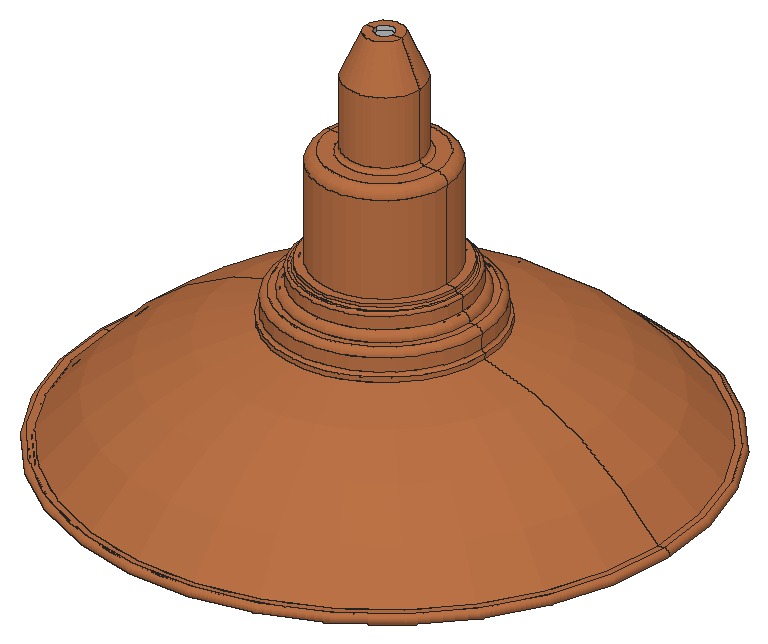
Revit family "HR16 SHADE", category Lighting Fixtures, Revit 2024
Family settings
  Round Connector Dimension = Use Diameter
  Part Type = Normal
  OmniClass Number = 23.80.70.00
  OmniClass Title = Lighting
  Work Plane-Based = No
  Always vertical = Yes
  Cut with Voids When Loaded = No
  Light Source = Yes
  Maintain Annotation Orientation = No
  Shared = No
  Room Calculation Point = No
Parameters
  Wattage = 12.1178 W
  built-in parameter 1150110 = 1 (stored number, unit not read)
  built-in parameter 1114217 = 1 (stored number, unit not read)
  built-in parameter 1150109 = 1 (stored number, unit not read)
  built-in parameter 1150134 = (empty or 0)
  built-in parameter 1150113 = 1 (stored number, unit not read)
  Lumens = 1800 lm
  built-in parameter 1150115 = 1 (stored number, unit not read)
  built-in parameter 1150105 = 572.96 (stored number, unit not read)
  Light Source Symbol Size = 2' - 0"
  built-in parameter 1150137 = (empty or 0)
  built-in parameter 1150139 = (empty or 0)
  built-in parameter 1150112 = 1 (stored number, unit not read)
  built-in parameter 1150114 = 1 (stored number, unit not read)
  built-in parameter 1150132 = 2
  built-in parameter 1150102 = (empty or 0)
  built-in parameter 1150138 = (empty or 0)
  built-in parameter 1150107 = 3000 (stored number, unit not read)
  built-in parameter 1150106 = 5.7296 (stored number, unit not read)
  built-in parameter 1150104 = 13.8 (stored number, unit not read)
  Dimming Lamp Color Temperature Shift = (empty or 0)
  Default Elevation = 0' - 0"
  Color Filter = 16777215
  built-in parameter 1114218 = 1 (stored number, unit not read)
  built-in parameter 1150133 = 10 (stored number, unit not read)
Reference planes (in)
  plane 1 "Light Source Axis (F/B)": y = 0
  plane 2: z = 12
  plane 3 "Light Source Axis (L/R)": x = 0
  plane 4 "Light Source Elevation": z = 84
Forms (in)
  Revolve 1, solid
    sketch origin (0, 0, 0) x (1, 0, 0) y (0, 0, 1)
      loop
        line (-7.75394, 84.15628) -> (-7.64744, 84.15628)
        arc (-7.64744, 84.15628) -> (-5.46193, 86.09642) -> (-2.74516, 87.17332) r 8.42591
        line (-2.74516, 87.17332) -> (-2.74516, 87.30731)
        arc (-2.74516, 87.30731) -> (-2.68022, 87.37385) -> (-2.65652, 87.46375) r 0.18239
        line (-2.65652, 87.46375) -> (-2.65652, 87.82309)
        arc (-2.65652, 87.82309) -> (-2.63231, 87.88154) -> (-2.57386, 87.90576) r 0.08267
        line (-2.57386, 87.90576) -> (-2.29299, 87.90576) -> (-2.29299, 87.99951)
        arc (-2.29299, 87.99951) -> (-2.23565, 88.12162) -> (-2.10578, 88.08509) r 0.10434
        line (-2.10578, 88.08509) -> (-2.10578, 88.53096) -> (-2.05464, 88.53096)
        arc (-2.05464, 88.53096) -> (-1.95983, 88.56667) -> (-1.91213, 88.65605) r 0.14373
        line (-1.91213, 88.65605) -> (-1.67417, 88.65605) -> (-1.67417, 91.22611)
        arc (-1.67417, 91.22611) -> (-1.62174, 91.3527) -> (-1.49515, 91.40513) r 0.17902
        line (-1.49515, 91.40513) -> (-1.11456, 91.40513)
        arc (-1.11456, 91.40513) -> (-0.96346, 91.46772) -> (-0.90087, 91.61883) r 0.21369
        line (-0.90087, 91.61883) -> (-0.90087, 93.35644) -> (-0.43346, 94.40625) -> (-0.25, 94.40625) -> (-0.25, 94.5) -> (-0.49434, 94.5) -> (-0.99462, 93.37637) -> (-0.99462, 91.61883)
        arc (-0.99462, 91.61883) -> (-1.02975, 91.53401) -> (-1.11456, 91.49888) r 0.11994
        line (-1.11456, 91.49888) -> (-1.49515, 91.49888)
        arc (-1.49515, 91.49888) -> (-1.68803, 91.41899) -> (-1.76792, 91.22611) r 0.27277
        line (-1.76792, 91.22611) -> (-1.76792, 88.7498) -> (-2.00467, 88.7498) -> (-2.00467, 88.67469)
        arc (-2.00467, 88.67469) -> (-2.0193, 88.63935) -> (-2.05464, 88.62471) r 0.04998
        line (-2.05464, 88.62471) -> (-2.12508, 88.62471)
        arc (-2.12508, 88.62471) -> (-2.17773, 88.60291) -> (-2.19953, 88.55025) r 0.07446
        line (-2.19953, 88.55025) -> (-2.19953, 88.22468)
        arc (-2.19953, 88.22468) -> (-2.34401, 88.15405) -> (-2.38848, 87.99951) r 0.19809
        line (-2.38848, 87.99951) -> (-2.57386, 87.99951)
        arc (-2.57386, 87.99951) -> (-2.6986, 87.94783) -> (-2.75027, 87.82309) r 0.17642
        line (-2.75027, 87.82309) -> (-2.75027, 87.46375)
        arc (-2.75027, 87.46375) -> (-2.77623, 87.40108) -> (-2.83891, 87.37512) r 0.08864
        line (-2.83891, 87.37512) -> (-2.83891, 87.24938)
        arc (-2.83891, 87.24938) -> (-5.5243, 86.1681) -> (-7.69259, 84.25003) r 8.51966
        line (-7.69259, 84.25003) -> (-7.87498, 84.25003)
        arc (-7.87498, 84.25003) -> (-7.95153, 84.02618) -> (-7.75394, 84.15628) r 0.12502
      axis (0, 94.5) -> (0, 84.15628)
    angle from 0 to 360
Dimensions and locks (in)
  aligned and locked: plane 3 "Light Source Axis (L/R)" to imposter light
  aligned and locked: plane 1 "Light Source Axis (F/B)" to imposter light
  aligned and locked: plane 4 "Light Source Elevation" to imposter light
  aligned and locked: level to plane 2
